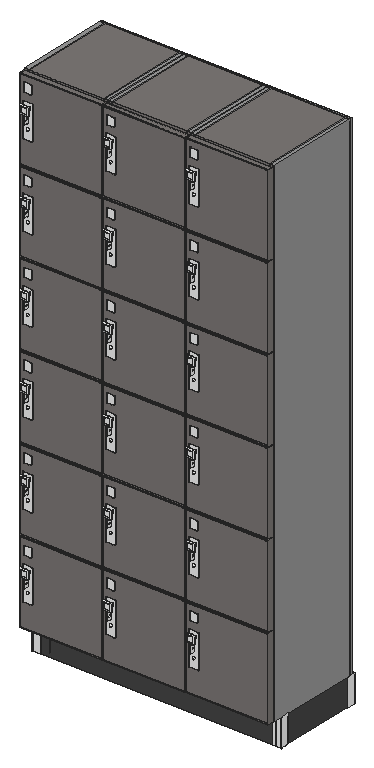
Revit family "Wood_Lockers_Hasps-Salsbury_Industries-46000_Series-3_Wide_Units.rfa", category Specialty Equipment, Revit 2016 (continued)
Definition of nested family "Wood Locker Sloping Hoods"
  Types (20): name | Width | Visible | Version | Type Comments | Model | Manufacturer | Height | Description | Depth
    44251 - for 18" Deep Lockers (1 Wide) | 15.000" | yes | "1.0 (12/15/23)" | "Sloping Hood for 15\"Wide Premier Wood Lockers" | "44251" | "Salsbury Industries" | 6.868" | "For 18\" D - 1 Wide Lockers" | 17.625"
    44253 - for 18" Deep Lockers (3 Wide) | 45.000" | yes | "1.0 (12/15/23)" | "Sloping Hood for 15\" Wide Premier Wood Lockers" | "44253" | "Salsbury Industries" | 6.868" | "For 18\" D - 3 Wide Lockers" | 17.625"
    None | 12.000" | no | "" | "" | "" | "" | 5.743" | "" | 14.625"
    44818 - for 18" Deep Lockers (1 Wide) | 18.000" | yes | "1.0 (12/15/23)" | "Sloping Hood for Premier Wood Lockers" | "44818" | "Salsbury Industries" | 6.868" | "For 18\" D - 1 Wide Lockers" | 17.625"
    44811- for 21" Deep Lockers (1 Wide) | 18.000" | yes | "1.0 (12/15/23)" | "Sloping Hood for Premier Wood Lockers" | "44811" | "Salsbury Industries" | 7.993" | "For 21\" D - 1 Wide Lockers" | 20.625"
    44814- for 24" Deep Lockers (1 Wide) | 18.000" | yes | "1.0 (12/15/23)" | "Sloping Hood for Premier Wood Lockers" | "44814" | "Salsbury Industries" | 9.118" | "For 24\" D - 1 Wide Lockers" | 23.625"
    44838- for 18" Deep Lockers (3 Wide) | 54.000" | yes | "1.0 (12/15/23)" | "Sloping Hood for Premier Wood Lockers" | "44838" | "Salsbury Industries" | 6.868" | "For 18\" D - 3 Wide Lockers" | 17.625"
    44831- for 21" Deep Lockers (3 Wide) | 54.000" | yes | "1.0 (12/15/23)" | "Sloping Hood for Premier Wood Lockers" | "44831" | "Salsbury Industries" | 7.993" | "For 21\" D - 3 Wide Lockers" | 20.625"
    44834- for 24" Deep Lockers (3 Wide) | 54.000" | yes | "1.0 (12/15/23)" | "Sloping Hood for Premier Wood Lockers" | "834" | "Salsbury Industries" | 9.118" | "For 24\" D - 3 Wide Lockers" | 23.625"
  Reference planes (in)
    plane 1 "Center (Front/Back)": y = 0
    plane 2: z = 0
    plane 3 "Center (Left/Right)": x = 0
    plane 4 "Front of Hood": y = -11.8125
    plane 5 "Back of Hood": y = 11.8125
    plane 6 "Right Side of Hood": x = 27
    plane 7 "Left Side of Hood": x = -27
    plane 8 "Bottom of Hood": z = 0
    plane 9 "Top of Hood": z = 9.118
    plane 10: x = 26.25
    plane 11: x = -26.25
    plane 12: y = -11.7815
    plane 13: y = -11.0625
    plane 14: z = 9.087
    plane 15: z = 8.368
    plane 16: z = 0.062
    plane 17: z = 0.75
  Forms (in)
    Extrusion 1, solid, visible <- "Visible"
      sketch origin (27, 0.37227, 0) x (0, -1, 0) y (0, 0, 1)
        loop
          line (-0.26039, 4.07368) -> (-0.26039, 0) -> (0.37227, 0) -> (0.37227, 3.83066) -> (-0.26039, 4.07368)
      from 0 to 54
    Extrusion 2, solid, visible <- "Visible"
      sketch origin (0, 0, 0) x (0, 1, 0) y (0, 0, 1)
        loop
          line (-9.97273, 0) -> (11.8125, 8.368) -> (11.8125, 9.087) -> (-11.73269, 0.062) -> (-11.7815, 0.062) -> (-11.7815, 0) -> (-9.97273, 0)
      from -27 to 27
    Extrusion 3, solid, material <- "Laminate Surface", visible <- "Visible"
      sketch origin (0, 0, 0) x (0, 1, 0) y (0, 0, 1)
        loop
          line (-11.8125, 0.062) -> (-11.8125, 0) -> (-11.7815, 0) -> (-11.7815, 0.062) -> (-11.8125, 0.062)
      from -27 to 27
    Extrusion 4, solid, material <- "Laminate Surface", visible <- "Visible"
      sketch origin (0, 0, 0) x (0, 1, 0) y (0, 0, 1)
        loop
          line (11.8125, 9.118) -> (-11.8125, 0.062) -> (-11.73269, 0.062) -> (11.8125, 9.087) -> (11.8125, 9.118)
      from -27 to 27
  Dimensions and locks (in)
    equal spacing: plane 7 "Left Side of Hood", plane 3 "Center (Left/Right)", plane 6 "Right Side of Hood"
    "Width": plane 7 "Left Side of Hood" to plane 6 "Right Side of Hood"
    equal spacing: plane 4 "Front of Hood", plane 1 "Center (Front/Back)", plane 5 "Back of Hood"
    "Depth": plane 4 "Front of Hood" to plane 5 "Back of Hood"
    "Height": plane 9 "Top of Hood" to plane 8 "Bottom of Hood"
    plane 7 "Left Side of Hood" to plane 11 = 0.750"
    plane 10 to plane 6 "Right Side of Hood" = 0.750"
    plane 4 "Front of Hood" to plane 12 to plane 13 = 0.031" locked, 0.719" locked
    plane 15 to plane 14 to plane 9 "Top of Hood" = 0.719" locked, 0.031" locked
    locked: plane 16 to plane 8 "Bottom of Hood" at 0.062
    locked: plane 17 to plane 8 "Bottom of Hood" at 0.75
    aligned and locked: level to plane 2
    aligned and locked: Extrusion 2 to plane 6 "Right Side of Hood"
    aligned and locked: plane 7 "Left Side of Hood" to Extrusion 2
    aligned and locked: plane 7 "Left Side of Hood" to Extrusion 4
    aligned and locked: Extrusion 4 to plane 6 "Right Side of Hood"
    aligned and locked: Extrusion 3 to plane 6 "Right Side of Hood"
    aligned and locked: plane 7 "Left Side of Hood" to Extrusion 3
    aligned and locked: Extrusion 2 to Extrusion 1 sketch curve
    aligned and locked: plane 7 "Left Side of Hood" to Extrusion 1
    aligned and locked: Extrusion 1 to plane 6 "Right Side of Hood"
  Automatic sketch dimensions
    Extrusion 3 sketch curve to level = 0.000"
    Extrusion 3 sketch curve to plane 4 "Front of Hood" = 0.000"
    Extrusion 3 sketch curve to plane 12 = 0.000"
    plane 16 to Extrusion 3 sketch curve = 0.000"
    Extrusion 4 sketch curve to plane 4 "Front of Hood" = 0.000"
    plane 16 to Extrusion 4 sketch curve = 0.000"
    Extrusion 4 sketch curve to plane 5 "Back of Hood" = 0.000"
    plane 14 to Extrusion 4 sketch curve = 0.000"
    plane 9 "Top of Hood" to Extrusion 4 sketch curve = 0.000"
    Extrusion 4 sketch curve to plane 12 = 0.04881"
    Extrusion 2 sketch curve to level = 0.000"
    Extrusion 2 sketch curve to plane 12 = 0.000"
    plane 16 to Extrusion 2 sketch curve = 0.000"
    Extrusion 2 sketch curve to plane 5 "Back of Hood" = 0.000"
    plane 15 to Extrusion 2 sketch curve = 0.000"
    plane 14 to Extrusion 2 sketch curve = 0.000"
    Extrusion 2 sketch curve to plane 13 = 1.08977"
    Extrusion 2 sketch curve to plane 12 = 0.04881"
    Extrusion 1 sketch curve to level = 0.000"
    Extrusion 1 sketch curve to plane 1 "Center (Front/Back)" = 0.000"
    Extrusion 1 sketch curve to Extrusion 1 sketch curve = 0.24302"
Types (7): name | Unit Height including Sloping Hood Only | Unit Height including Base Only | Sloping Hood Height | Overall Unit Height including Base and Sloping Hood | Model | Flat Top In-Line Filler - Right Side | Description | Depth | Compartment Depth | Base Height | Base Depth | Base
  (no name) | 77.743" | 76.000" | 5.743" | 81.743" | "46365" | Wood Locker Flat In-Line Fillers : None | "3 Wide - 6 Feet High - 15 inches Deep - with Base" | 15.000" | 13.750" | 4.000" | 13.250" | Wood Locker Bases : Base - 36" W x 15" D Lockers
  46365 | 77.743" | 76.000" | 5.743" | 81.743" | "46365" | Wood Locker Flat In-Line Fillers : None | "3 Wide - 6 Feet High - 15 inches Deep - with Base" | 15.000" | 13.750" | 4.000" | 13.250" | Wood Locker Bases : Base - 36" W x 15" D Lockers
  46365 - without Base | 77.743" | 72.000" | 5.743" | 77.743" | "46365 without Base" | Wood Locker Sloping In-Line Fillers : None | "3 Wide - 6 Feet High - 15 inches Deep - without Base" | 15.000" | 13.750" | 0.000" | 13.250" | Wood Locker Bases : None
  46368 | 78.868" | 76.000" | 6.868" | 82.868" | "46368" | Wood Locker Sloping In-Line Fillers : None | "3 Wide - 6 Feet High - 18 inches Deep - with Base" | 18.000" | 16.750" | 4.000" | 16.250" | Wood Locker Bases : Base - 36" W x 18" D Lockers
  46368 - without Base | 78.868" | 72.000" | 6.868" | 78.868" | "46368 without Base" | Wood Locker Sloping In-Line Fillers : None | "3 Wide - 6 Feet High - 18 inches Deep - without Base" | 18.000" | 16.750" | 0.000" | 16.250" | Wood Locker Bases : None
  46361 | 79.993" | 76.000" | 7.993" | 83.993" | "46361" | Wood Locker Sloping In-Line Fillers : None | "3 Wide - 6 Feet High - 21 inches Deep - with Base" | 21.000" | 19.750" | 4.000" | 19.250" | Wood Locker Bases : Base - 36" W x 21" D Lockers
  46361 - without Base | 79.993" | 72.000" | 7.993" | 79.993" | "46361 without Base" | Wood Locker Sloping In-Line Fillers : None | "3 Wide - 6 Feet High - 21 inches Deep - without Base" | 21.000" | 19.750" | 0.000" | 19.250" | Wood Locker Bases : None
